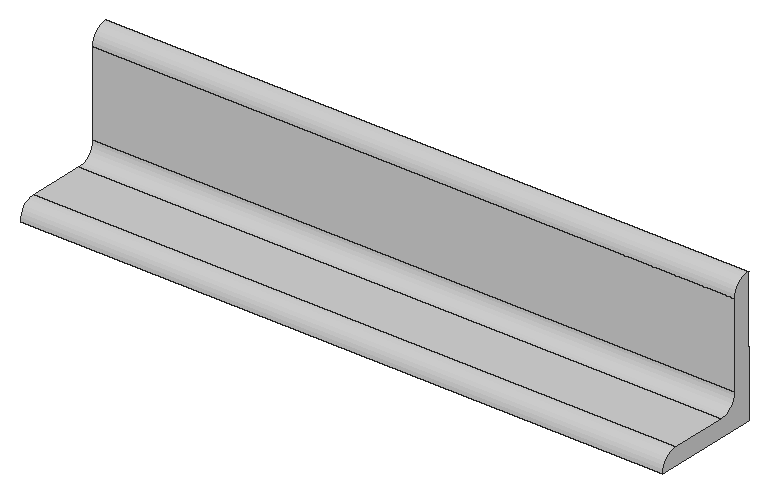
Revit family "4bcb41ea17e0416988deb40fd505ff24", category Structural Stiffeners, Revit 2021
Family settings
  OmniClass Number = 23.25.30.11.27
  OmniClass Title = Vibration and Earthquake Controls
  Seek Item ID = Linear Stiffener-Angle-0000-USA-ENU
  Cut with Voids When Loaded = No
  Shared = No
Parameters (values of type "L4X4X5/8")
  y = 0' - 1 7/32"
  x = 0' - 1 7/32"
  t = 0' - 0 5/8"
  k = 0' - 1"
  d = 0' - 5"
  b = 0' - 4"
  W = 15.7
  Stiffener Material [instance] = Steel ASTM A36
  built-in parameter 1001306 [instance] = 2' - 0"
  A = 0.03 SF
Reference planes (in)
  plane 1 "Center (Front/Back)": y = -0.21375
  plane 2: z = 0
  plane 3 "Left": x = 0
  plane 4 "Right": x = 24
  plane 5: y = -0.83875
  plane 6: y = -1.4325
  plane 7: y = -4.21375
  plane 8: z = 0.625
  plane 9: z = 1.21875
  plane 10: z = 5
Forms (in)
  Sweep 1, solid, material "Steel ASTM A36" <- "Stiffener Material", detail levels fine
    path in 3D
      loop
        line (0, -0.21375, 0) -> (24, -0.21375, 0)
    profile origin (12, -0.21375, 0) x (0, 1, 0) y (0, 0, 1)
      loop
        line (0, 0) -> (0, 5)
        arc (0, 5) -> (-0.44194, 4.81694) -> (-0.625, 4.375) r 0.625
        line (-0.625, 4.375) -> (-0.625, 1.25)
        arc (-0.625, 1.25) -> (-0.80806, 0.80806) -> (-1.25, 0.625) r 0.625
        line (-1.25, 0.625) -> (-3.375, 0.625)
        arc (-3.375, 0.625) -> (-3.81694, 0.44194) -> (-4, 0) r 0.625
        line (-4, 0) -> (0, 0)
  Sweep 2, solid, material "Steel ASTM A36" <- "Stiffener Material", detail levels medium
    path in 3D
      loop
        line (0, -0.21375, 5) -> (24, -0.21375, 5)
    profile origin (12, -0.21375, 5) x (0, 0, -1) y (0, 1, 0)
      loop
        line (0, 0) -> (0, -0.625) -> (4.375, -0.625) -> (4.375, -4) -> (5, -4) -> (5, 0) -> (0, 0)
Lines and regions (in)
  reference lines
    curve 1: line (0, -0.21375, 0) -> (24, -0.21375, 0)
  sketch lines
    curve 2: line (0, -0.21375, 0) -> (24, -0.21375, 0)
    curve 3: line (0, -0.21375, 5) -> (24, -0.21375, 5)
Dimensions and locks (in)
  "built-in parameter 1001306": plane 3 "Left" to plane 4 "Right"
  "t": plane 8 to plane 2
  "y": plane 9 to plane 2
  "d": plane 10 to plane 2
  "t": plane 1 "Center (Front/Back)" to plane 5
  "x": plane 1 "Center (Front/Back)" to plane 6
  "b": plane 1 "Center (Front/Back)" to plane 7
  "t": radius of Sweep 1 sketch curve  (x3)
  aligned and locked: plane 4 "Right" to curve 1
  aligned and locked: plane 1 "Center (Front/Back)" to curve 1
  aligned and locked: plane 3 "Left" to curve 1
  aligned and locked: profile plane to Sweep 1 sketch curve
  aligned and locked: plane 7 to Sweep 1 sketch curve
  aligned and locked: plane 10 to Sweep 1 sketch curve
  aligned and locked: plane 2 to Sweep 2 sketch curve
  aligned and locked: Sweep 2 sketch curve to plane 7
  aligned and locked: plane 1 "Center (Front/Back)" to Sweep 2 sketch curve
  aligned and locked: Sweep 2 sketch curve to plane 5
  aligned and locked: Sweep 2 sketch curve to plane 10
  aligned and locked: Sweep 2 sketch curve to plane 8
Automatic sketch dimensions
  Sweep 1 sketch curve to profile plane = 0' - 0"
